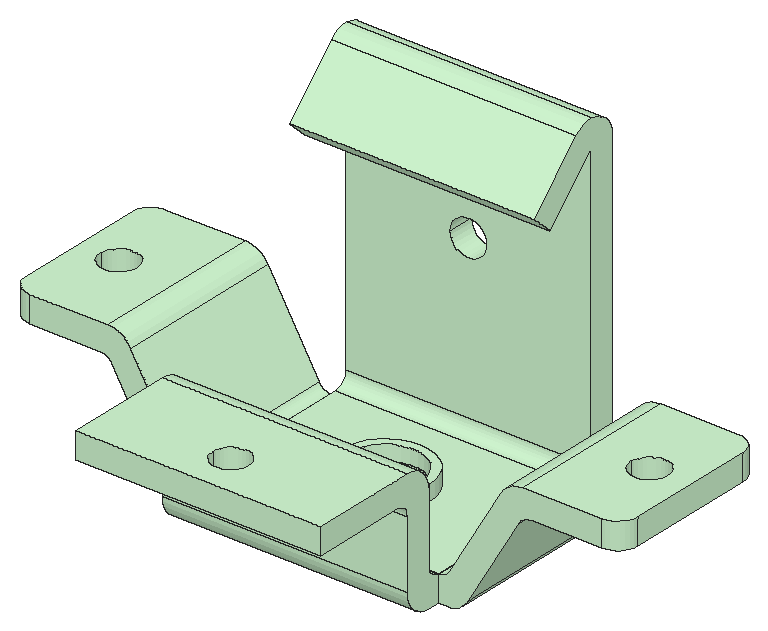
Revit family "Power-LGフック", category 機械設備, Revit 2020
Family settings
  丸型コネクタ寸法 = 直径を使用
  種別 = なし
  パーツ タイプ = 標準
  作業面ベース = いいえ
  常に垂直 = はい
  ロード時にボイドで切り取り = いいえ
  共有 = いいえ
  部屋計算ポイント = いいえ
Parameters
  製造元 = "株式会社桐井製作所"
  既定の高さ = 0 mm
  URL = "https://www.kirii.co.jp/"
  K_許容荷重(鉛直)(N) = 4600
  K_許容荷重(水平)(N) = 2600
  K_品名 = "Power-LGフック"
  K_名称 = "吊元金具"
  K_入数 = "100"
  K_バージョン情報 = "20250901"
Reference planes
  plane 1 "中心(正面/背面)": y = 0
  plane 2: z = 0
  plane 3 "中心(左/右)": x = 0
Forms (mm)
  Extrusion 1, void
    sketch origin (0, -0.34, 0) x (1, 0, 0) y (0, 1, 0)
      loop
        circle (0, -15.76) r 4.5
    from 0 to 3.2
  Extrusion 2, solid
    sketch origin (0, 0, 0.091) x (0, 1, 0) y (0, 0, 1)
      loop
        line (-3.2, 39.61) -> (-3.2, 4.709)
        arc (-3.2, 4.709) -> (-3.669, 3.578) -> (-4.8, 3.109) r 1.6
        line (-4.8, 3.109) -> (-26.5, 3.109)
        arc (-26.5, 3.109) -> (-27.631, 3.578) -> (-28.1, 4.709) r 1.6
        line (-28.1, 4.709) -> (-28.1, 13.01)
        arc (-28.1, 13.01) -> (-29.037, 15.272) -> (-31.3, 16.21) r 3.2
        line (-31.3, 16.21) -> (-44.6, 16.21) -> (-44.6, 13.01) -> (-32.9, 13.01)
        arc (-32.9, 13.01) -> (-31.769, 12.541) -> (-31.3, 11.41) r 1.6
        line (-31.3, 11.41) -> (-31.3, 3.109)
        arc (-31.3, 3.109) -> (-30.363, 0.847) -> (-28.1, -0.091) r 3.2
        line (-28.1, -0.091) -> (-3.2, -0.091)
        arc (-3.2, -0.091) -> (-0.937, 0.847) -> (0, 3.109) r 3.2
        line (0, 3.109) -> (0, 39.61)
        arc (0, 39.61) -> (-0.893, 41.827) -> (-3.074, 42.807) r 3.2
        arc (-3.074, 42.807) -> (-4.366, 42.589) -> (-5.463, 41.872) r 3.2
        line (-5.463, 41.872) -> (-11.827, 35.508) -> (-9.564, 33.246) -> (-3.2, 39.61)
    from -15 to 15
  Extrusion 3, solid
    sketch origin (0, 5.9, 3.2) x (1, 0, 0) y (0, 1, 0)
      loop
        circle (0, -22) r 5.5
      loop
        circle (0, -22) r 4.5
    from 0 to 1.854
  Extrusion 4, void
    sketch origin (0, 0, -6.912) x (1, 0, 0) y (0, 0, 1)
      loop
        circle (0, 31.445) r 2.25
    from 0 to 3.2
  Extrusion 5, solid
    sketch origin (0, 0, 0) x (1, 0, 0) y (0, 0, 1)
      loop
        line (-37.5, 16.3) -> (-37.5, 13.103) -> (-26.338, 13.103)
        arc (-26.338, 13.103) -> (-25.538, 12.888) -> (-24.953, 12.303) r 1.6
        line (-24.953, 12.303) -> (-18.773, 1.6)
        arc (-18.773, 1.6) -> (-17.602, 0.429) -> (-16.002, 0) r 3.2
        line (-16.002, 0) -> (15, 0) -> (16.002, 0)
        arc (16.002, 0) -> (17.602, 0.429) -> (18.773, 1.6) r 3.2
        line (18.773, 1.6) -> (24.953, 12.303)
        arc (24.953, 12.303) -> (25.538, 12.888) -> (26.338, 13.103) r 1.6
        line (26.338, 13.103) -> (37.5, 13.103) -> (37.5, 16.3) -> (25.413, 16.3)
        arc (25.413, 16.3) -> (23.813, 15.871) -> (22.642, 14.7) r 3.2
        line (22.642, 14.7) -> (16.464, 4)
        arc (16.464, 4) -> (15.879, 3.414) -> (15.079, 3.2) r 1.6
        line (15.079, 3.2) -> (-15.079, 3.2)
        arc (-15.079, 3.2) -> (-15.879, 3.414) -> (-16.464, 4) r 1.6
        line (-16.464, 4) -> (-22.642, 14.7)
        arc (-22.642, 14.7) -> (-23.813, 15.871) -> (-25.413, 16.3) r 3.2
        line (-25.413, 16.3) -> (-37.5, 16.3)
    from 5.6 to 26.6
  Extrusion 6, void
    sketch origin (0, 0, 0) x (1, 0, 0) y (0, 1, 0)
      loop
        line (-35, -5.6) -> (-37.5, -5.6) -> (-37.5, -8.1)
        arc (-37.5, -8.1) -> (-36.768, -6.332) -> (-35, -5.6) r 2.5
      loop
        line (-37.5, -24.1) -> (-37.5, -26.6) -> (-35, -26.6)
        arc (-35, -26.6) -> (-36.768, -25.868) -> (-37.5, -24.1) r 2.5
    from 13.1 to 16.3
  Extrusion 7, void
    sketch origin (0, 0, 0) x (-1, 0, 0) y (0, -1, 0)
      loop
        arc (-35, 5.6) -> (-36.768, 6.332) -> (-37.5, 8.1) r 2.5
        line (-37.5, 8.1) -> (-37.5, 5.6) -> (-35, 5.6)
      loop
        arc (-37.5, 24.1) -> (-36.768, 25.868) -> (-35, 26.6) r 2.5
        line (-35, 26.6) -> (-37.5, 26.6) -> (-37.5, 24.1)
    from 13.1 to 16.3
  Extrusion 8, void
    sketch origin (0, 0, 0) x (1, 0, 0) y (0, 1, 0)
      loop
        circle (-32.5, -16.1) r 2.28
    from 13.1 to 16.3
  Extrusion 9, void
    sketch origin (0, 0, 0) x (-1, 0, 0) y (0, -1, 0)
      loop
        circle (-32.5, 16.1) r 2.28
    from 13.1 to 16.3
  Extrusion 10, void
    sketch origin (0, 0, 0) x (1, 0, 0) y (0, 1, 0)
      loop
        circle (0, -39.6) r 2.25
    from 13.1 to 16.3
Cuts and joins
  Extrusion 1, Extrusion 4, Extrusion 10 cuts Extrusion 2
  Extrusion 4, Extrusion 10 cuts Extrusion 3
  joined: Extrusion 2, Extrusion 3
  Extrusion 1, Extrusion 6, Extrusion 7, Extrusion 8, Extrusion 9 cuts Extrusion 5
Dimensions and locks
  aligned and locked: level to plane 2
